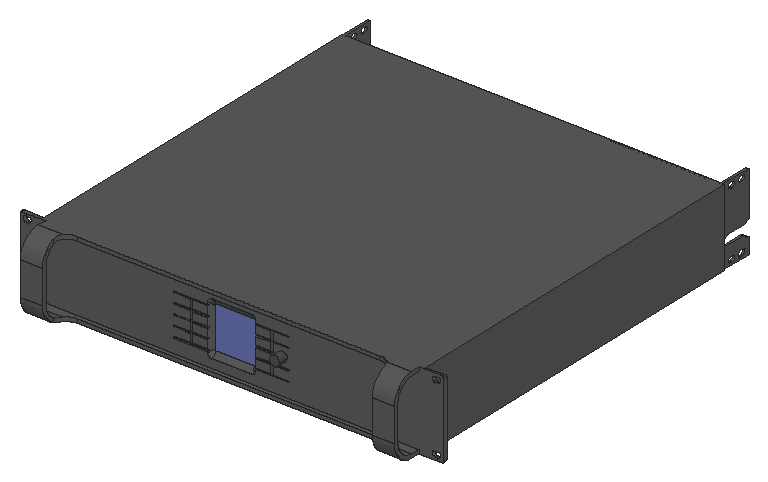
Revit family "PLM xxk44", category Communication Devices, Revit 2020 (continued)
Definition of nested family "PLM xxk44 - base1"
  Lines and regions (mm)
    Split face 167
      outline origin (0, 425, 0) x (1, 0, 0) y (0, 0, 1)
        loop
          line (190.35, 10.2) -> (194.35, 10.2) -> (194.35, 37.7) -> (190.35, 37.7) -> (190.35, 10.2)
    Split face 168
      outline origin (0, 425, 0) x (1, 0, 0) y (0, 0, 1)
        loop
          line (196.1, 10.2) -> (200.1, 10.2) -> (200.1, 40.2) -> (196.1, 40.2) -> (196.1, 10.2)
    Split face 169
      outline origin (0, 425, 0) x (1, 0, 0) y (0, 0, 1)
        loop
          line (201.85, 10.2) -> (205.85, 10.2) -> (205.85, 40.2) -> (201.85, 40.2) -> (201.85, 10.2)
    Split face 170
      outline origin (-239.3, -3.2, 88) x (-1, 0, 0) y (0, 0, -1)
        loop
          line (-269.169, 47.556) -> (-269.169, 51.518) -> (-273.131, 51.518) -> (-273.131, 47.556) -> (-269.169, 47.556)
    Split face 171
      outline origin (-239.3, -3.2, 88) x (-1, 0, 0) y (0, 0, -1)
        loop
          line (-269.169, 58.986) -> (-269.169, 62.948) -> (-273.131, 62.948) -> (-273.131, 58.986) -> (-269.169, 58.986)
    Split face 172
      outline origin (-216, 425, 88) x (1, 0, 0) y (0, 0, -1)
        loop
          circle (291.319, 18.861) r 9.984
    Split face 173
      outline origin (-216, 425, 88) x (1, 0, 0) y (0, 0, -1)
        loop
          circle (265.219, 18.861) r 10
    Split face 174
      outline origin (-216, 425, 88) x (1, 0, 0) y (0, 0, -1)
        loop
          circle (239.119, 18.861) r 10
    Split face 175
      outline origin (-216, 425, 88) x (1, 0, 0) y (0, 0, -1)
        loop
          circle (213.019, 18.861) r 10
    Split face 176
      outline origin (-216, 425, 88) x (1, 0, 0) y (0, 0, -1)
        loop
          circle (182.669, 18.861) r 10
    Split face 177
      outline origin (-216, 425, 88) x (1, 0, 0) y (0, 0, -1)
        loop
          circle (157.669, 18.861) r 10
    Split face 178
      outline origin (-216, 425, 88) x (1, 0, 0) y (0, 0, -1)
        loop
          circle (132.669, 18.861) r 10
    Split face 179
      outline origin (-216, 425, 88) x (1, 0, 0) y (0, 0, -1)
        loop
          circle (107.669, 18.86) r 10
    model lines
      curve 1: line (-134.319, -3.2, 42.71) -> (-134.572, -3.2, 42.963)
      curve 2: line (-134.319, -3.2, 42.443) -> (-134.319, -3.2, 42.71)
      curve 3: line (-134.572, -3.2, 42.19) -> (-134.319, -3.2, 42.443)
      curve 4: line (-134.818, -3.2, 42.19) -> (-134.572, -3.2, 42.19)
      curve 5: line (-135.07, -3.2, 42.443) -> (-134.818, -3.2, 42.19)
      curve 6: line (-135.07, -3.2, 42.71) -> (-135.07, -3.2, 42.443)
      curve 7: line (-134.818, -3.2, 42.963) -> (-135.07, -3.2, 42.71)
      curve 8: line (-134.572, -3.2, 42.963) -> (-134.818, -3.2, 42.963)
      curve 9: line (-131.957, -3.2, 43.95) -> (-129.835, -3.2, 43.95)
      curve 10: line (-132.044, -3.2, 43.623) -> (-132.044, -3.2, 43.863)
      curve 11: line (-130.242, -3.2, 43.536) -> (-131.957, -3.2, 43.536)
      curve 12: line (-130.33, -3.2, 42.767) -> (-130.198, -3.2, 43.494)
      curve 13: line (-131.593, -3.2, 42.576) -> (-130.33, -3.2, 42.767)
      curve 14: line (-133.513, -3.2, 42.974) -> (-131.593, -3.2, 42.576)
      curve 15: line (-133.397, -3.2, 45.102) -> (-133.513, -3.2, 42.974)
      curve 16: line (-130.987, -3.2, 45.256) -> (-133.397, -3.2, 45.102)
      curve 17: line (-130.351, -3.2, 45.107) -> (-130.987, -3.2, 45.256)
      curve 18: line (-130.242, -3.2, 44.673) -> (-130.351, -3.2, 45.107)
      curve 19: line (-129.837, -3.2, 44.587) -> (-130.147, -3.2, 44.587)
      curve 20: line (-129.852, -3.2, 45.187) -> (-129.754, -3.2, 44.672)
      curve 21: line (-130.537, -3.2, 45.643) -> (-129.852, -3.2, 45.187)
      curve 22: line (-133.949, -3.2, 45.07) -> (-130.537, -3.2, 45.643)
      curve 23: line (-133.954, -3.2, 42.777) -> (-133.949, -3.2, 45.07)
      curve 24: line (-133.302, -3.2, 42.22) -> (-133.954, -3.2, 42.777)
      curve 25: line (-129.784, -3.2, 42.857) -> (-133.302, -3.2, 42.22)
      curve 26: line (-129.726, -3.2, 43.849) -> (-129.784, -3.2, 42.857)
      curve 27: line (-129.285, -3.2, 45.61) -> (-129.285, -3.2, 42.243)
      curve 28: line (-127.164, -3.2, 45.696) -> (-129.198, -3.2, 45.696)
      curve 29: line (-125.937, -3.2, 45.653) -> (-127.164, -3.2, 45.696)
      curve 30: line (-125.326, -3.2, 45.261) -> (-125.937, -3.2, 45.653)
      curve 31: line (-125.798, -3.2, 43.695) -> (-125.326, -3.2, 45.261)
      curve 32: line (-125.437, -3.2, 43.515) -> (-125.798, -3.2, 43.695)
      curve 33: line (-125.279, -3.2, 42.661) -> (-125.437, -3.2, 43.515)
      curve 34: line (-125.279, -3.2, 42.243) -> (-125.279, -3.2, 42.661)
      curve 35: line (-125.664, -3.2, 42.157) -> (-125.365, -3.2, 42.157)
      curve 36: line (-125.751, -3.2, 42.41) -> (-125.751, -3.2, 42.243)
      curve 37: line (-125.751, -3.2, 42.583) -> (-125.751, -3.2, 42.41)
      curve 38: line (-125.772, -3.2, 43.096) -> (-125.751, -3.2, 42.583)
      curve 39: line (-126.148, -3.2, 43.489) -> (-125.772, -3.2, 43.096)
      curve 40: line (-127.077, -3.2, 43.521) -> (-126.148, -3.2, 43.489)
      curve 41: line (-128.725, -3.2, 43.521) -> (-127.077, -3.2, 43.521)
      curve 42: line (-128.812, -3.2, 42.243) -> (-128.812, -3.2, 43.434)
      curve 43: line (-129.198, -3.2, 42.157) -> (-128.899, -3.2, 42.157)
      curve 44: line (-127.164, -3.2, 43.934) -> (-128.725, -3.2, 43.934)
      curve 45: line (-126.991, -3.2, 43.934) -> (-127.164, -3.2, 43.934)
      curve 46: line (-126.739, -3.2, 43.934) -> (-126.991, -3.2, 43.934)
      curve 47: line (-126.567, -3.2, 43.941) -> (-126.739, -3.2, 43.934)
      curve 48: line (-125.772, -3.2, 44.173) -> (-126.567, -3.2, 43.941)
      curve 49: line (-125.867, -3.2, 45.155) -> (-125.772, -3.2, 44.173)
      curve 50: line (-127.077, -3.2, 45.282) -> (-125.867, -3.2, 45.155)
      curve 51: line (-128.725, -3.2, 45.282) -> (-127.077, -3.2, 45.282)
      curve 52: line (-128.812, -3.2, 44.021) -> (-128.812, -3.2, 45.196)
      curve 53: line (-124.714, -3.2, 45.696) -> (-124.415, -3.2, 45.696)
      curve 54: line (-124.801, -3.2, 43.955) -> (-124.801, -3.2, 45.609)
      curve 55: line (-124.764, -3.2, 42.916) -> (-124.801, -3.2, 43.955)
      curve 56: line (-124.165, -3.2, 42.221) -> (-124.764, -3.2, 42.916)
      curve 57: line (-121.293, -3.2, 42.221) -> (-124.165, -3.2, 42.221)
      curve 58: line (-120.651, -3.2, 42.979) -> (-121.293, -3.2, 42.221)
      curve 59: line (-120.625, -3.2, 44.042) -> (-120.651, -3.2, 42.979)
      curve 60: line (-120.625, -3.2, 45.609) -> (-120.625, -3.2, 44.042)
      curve 61: line (-121.01, -3.2, 45.696) -> (-120.711, -3.2, 45.696)
      curve 62: line (-121.095, -3.2, 43.44) -> (-121.097, -3.2, 45.609)
      curve 63: line (-121.209, -3.2, 42.762) -> (-121.095, -3.2, 43.44)
      curve 64: line (-123.989, -3.2, 42.634) -> (-121.209, -3.2, 42.762)
      curve 65: line (-124.329, -3.2, 45.609) -> (-123.989, -3.2, 42.634)
      curve 66: line (-120.126, -3.2, 45.61) -> (-120.126, -3.2, 42.243)
      curve 67: line (-117.483, -3.2, 45.695) -> (-120.039, -3.2, 45.696)
      curve 68: line (-116.475, -3.2, 45.505) -> (-117.483, -3.2, 45.695)
      curve 69: line (-116.454, -3.2, 43.711) -> (-116.475, -3.2, 45.505)
      curve 70: line (-117.266, -3.2, 43.494) -> (-116.454, -3.2, 43.711)
      curve 71: line (-117.886, -3.2, 43.489) -> (-117.266, -3.2, 43.494)
      curve 72: line (-119.567, -3.2, 43.489) -> (-117.886, -3.2, 43.489)
      curve 73: line (-119.654, -3.2, 42.243) -> (-119.654, -3.2, 43.402)
      curve 74: line (-120.039, -3.2, 42.157) -> (-119.74, -3.2, 42.157)
      curve 75: line (-117.886, -3.2, 43.903) -> (-119.567, -3.2, 43.903)
      curve 76: line (-116.815, -3.2, 44.03) -> (-117.886, -3.2, 43.903)
      curve 77: line (-116.805, -3.2, 45.15) -> (-116.815, -3.2, 44.03)
      curve 78: line (-117.886, -3.2, 45.282) -> (-116.805, -3.2, 45.15)
      curve 79: line (-119.567, -3.2, 45.282) -> (-117.886, -3.2, 45.282)
      curve 80: line (-119.654, -3.2, 43.989) -> (-119.654, -3.2, 45.196)
      curve 81: line (-115.86, -3.2, 45.61) -> (-115.86, -3.2, 42.243)
      curve 82: line (-113.216, -3.2, 45.695) -> (-115.773, -3.2, 45.696)
      curve 83: line (-112.209, -3.2, 45.505) -> (-113.216, -3.2, 45.695)
      curve 84: line (-112.188, -3.2, 43.711) -> (-112.209, -3.2, 45.505)
      curve 85: line (-113, -3.2, 43.494) -> (-112.188, -3.2, 43.711)
      curve 86: line (-113.621, -3.2, 43.489) -> (-113, -3.2, 43.494)
      curve 87: line (-115.301, -3.2, 43.489) -> (-113.621, -3.2, 43.489)
      curve 88: line (-115.388, -3.2, 42.243) -> (-115.388, -3.2, 43.402)
      curve 89: line (-115.773, -3.2, 42.157) -> (-115.475, -3.2, 42.157)
      curve 90: line (-113.621, -3.2, 43.903) -> (-115.301, -3.2, 43.903)
      curve 91: line (-112.549, -3.2, 44.03) -> (-113.621, -3.2, 43.903)
      curve 92: line (-112.538, -3.2, 45.15) -> (-112.549, -3.2, 44.03)
      curve 93: line (-113.621, -3.2, 45.282) -> (-112.538, -3.2, 45.15)
      curve 94: line (-115.301, -3.2, 45.282) -> (-113.621, -3.2, 45.282)
      curve 95: line (-115.388, -3.2, 43.989) -> (-115.388, -3.2, 45.196)
      curve 96: line (-111.583, -3.2, 42.243) -> (-111.583, -3.2, 45.609)
      curve 97: line (-108.199, -3.2, 42.157) -> (-111.496, -3.2, 42.157)
      curve 98: line (-108.112, -3.2, 42.484) -> (-108.112, -3.2, 42.243)
      curve 99: line (-111.024, -3.2, 42.57) -> (-108.199, -3.2, 42.57)
      curve 100: line (-111.11, -3.2, 43.699) -> (-111.11, -3.2, 42.657)
      curve 101: line (-108.332, -3.2, 43.785) -> (-111.024, -3.2, 43.785)
      curve 102: line (-108.246, -3.2, 44.113) -> (-108.246, -3.2, 43.872)
      curve 103: line (-111.024, -3.2, 44.2) -> (-108.332, -3.2, 44.2)
      curve 104: line (-111.11, -3.2, 45.195) -> (-111.11, -3.2, 44.286)
      curve 105: line (-108.204, -3.2, 45.282) -> (-111.024, -3.2, 45.282)
      curve 106: line (-108.117, -3.2, 45.609) -> (-108.117, -3.2, 45.369)
      curve 107: line (-111.496, -3.2, 45.696) -> (-108.204, -3.2, 45.696)
      curve 108: line (-107.692, -3.2, 45.696) -> (-107.08, -3.2, 45.696)
      curve 109: line (-107.778, -3.2, 42.243) -> (-107.778, -3.2, 45.609)
      curve 110: line (-107.393, -3.2, 42.157) -> (-107.692, -3.2, 42.157)
      curve 111: line (-107.306, -3.2, 45.169) -> (-107.306, -3.2, 42.243)
      curve 112: line (-107.138, -3.2, 45.194) -> (-107.306, -3.2, 45.169)
      curve 113: line (-104.178, -3.2, 42.218) -> (-107.138, -3.2, 45.194)
      curve 114: line (-104.03, -3.2, 42.157) -> (-104.178, -3.2, 42.218)
      curve 115: line (-103.402, -3.2, 42.157) -> (-104.03, -3.2, 42.157)
      curve 116: line (-103.316, -3.2, 45.609) -> (-103.316, -3.2, 42.243)
      curve 117: line (-103.788, -3.2, 42.679) -> (-103.788, -3.2, 45.609)
      curve 118: line (-103.961, -3.2, 42.653) -> (-103.788, -3.2, 42.679)
      curve 119: line (-106.932, -3.2, 45.634) -> (-103.961, -3.2, 42.653)
      curve 120: line (-107.08, -3.2, 45.696) -> (-106.932, -3.2, 45.634)
      curve 121: line (-142.626, -3.2, 43.474) -> (-141.717, -3.2, 45.075)
      curve 122: line (-140.767, -3.2, 43.474) -> (-142.626, -3.2, 43.474)
      curve 123: line (-141.668, -3.2, 45.075) -> (-140.767, -3.2, 43.474)
      curve 124: line (-139.386, -3.2, 42.383) -> (-141.198, -3.2, 45.59)
      curve 125: line (-139.535, -3.2, 42.128) -> (-139.386, -3.2, 42.383)
      curve 126: line (-139.867, -3.2, 42.128) -> (-139.535, -3.2, 42.128)
      curve 127: line (-140.098, -3.2, 42.263) -> (-139.867, -3.2, 42.128)
      curve 128: line (-140.412, -3.2, 42.826) -> (-140.098, -3.2, 42.263)
      curve 129: line (-142.969, -3.2, 42.837) -> (-140.43, -3.2, 42.837)
      curve 130: line (-143.302, -3.2, 42.263) -> (-142.987, -3.2, 42.826)
      curve 131: line (-143.532, -3.2, 42.128) -> (-143.302, -3.2, 42.263)
      curve 132: line (-143.875, -3.2, 42.128) -> (-143.532, -3.2, 42.128)
      curve 133: line (-144.027, -3.2, 42.211) -> (-143.875, -3.2, 42.128)
      curve 134: line (-144.024, -3.2, 42.384) -> (-144.027, -3.2, 42.211)
      curve 135: line (-143.767, -3.2, 42.837) -> (-144.024, -3.2, 42.384)
      curve 136: line (-145.902, -3.2, 42.837) -> (-143.767, -3.2, 42.837)
      curve 137: line (-146.106, -3.2, 43.042) -> (-145.902, -3.2, 42.837)
      curve 138: line (-146.106, -3.2, 45.519) -> (-146.106, -3.2, 43.042)
      curve 139: line (-145.902, -3.2, 45.724) -> (-146.106, -3.2, 45.519)
      curve 140: line (-145.619, -3.2, 45.724) -> (-145.902, -3.2, 45.724)
      curve 141: line (-145.414, -3.2, 45.519) -> (-145.619, -3.2, 45.724)
      curve 142: line (-145.414, -3.2, 43.475) -> (-145.414, -3.2, 45.519)
      curve 143: line (-143.417, -3.2, 43.475) -> (-145.414, -3.2, 43.475)
      curve 144: line (-142.206, -3.2, 45.591) -> (-143.399, -3.2, 43.486)
      curve 145: line (-141.976, -3.2, 45.724) -> (-142.206, -3.2, 45.591)
      curve 146: line (-141.428, -3.2, 45.724) -> (-141.976, -3.2, 45.724)
      curve 147: line (-141.198, -3.2, 45.59) -> (-141.428, -3.2, 45.724)
      curve 148: line (-136.296, -3.2, 45.002) -> (-136.214, -3.2, 44.681)
      curve 149: line (-137.148, -3.2, 45.082) -> (-136.296, -3.2, 45.002)
      curve 150: line (-138.802, -3.2, 45.082) -> (-137.148, -3.2, 45.082)
      curve 151: line (-138.802, -3.2, 44.276) -> (-138.802, -3.2, 45.082)
      curve 152: line (-137.148, -3.2, 44.276) -> (-138.802, -3.2, 44.276)
      curve 153: line (-136.331, -3.2, 44.348) -> (-137.148, -3.2, 44.276)
      curve 154: line (-136.214, -3.2, 44.681) -> (-136.331, -3.2, 44.348)
      curve 155: line (-135.598, -3.2, 42.416) -> (-135.742, -3.2, 44.034)
      curve 156: line (-137.148, -3.2, 42.115) -> (-135.598, -3.2, 42.416)
      curve 157: line (-138.528, -3.2, 42.115) -> (-137.148, -3.2, 42.115)
      curve 158: line (-138.618, -3.2, 42.321) -> (-138.528, -3.2, 42.115)
      curve 159: line (-137.148, -3.2, 42.755) -> (-138.618, -3.2, 42.321)
      curve 160: line (-136.176, -3.2, 43.548) -> (-137.148, -3.2, 42.755)
      curve 161: line (-137.148, -3.2, 43.636) -> (-136.176, -3.2, 43.548)
      curve 162: line (-138.804, -3.2, 43.636) -> (-137.148, -3.2, 43.636)
      curve 163: line (-138.804, -3.2, 42.934) -> (-138.804, -3.2, 43.636)
      curve 164: line (-139.024, -3.2, 42.842) -> (-138.804, -3.2, 42.934)
      curve 165: line (-139.395, -3.2, 43.471) -> (-139.024, -3.2, 42.842)
      curve 166: line (-139.497, -3.2, 43.701) -> (-139.395, -3.2, 43.471)
      curve 167: line (-139.497, -3.2, 45.516) -> (-139.497, -3.2, 43.701)
      curve 168: line (-139.291, -3.2, 45.721) -> (-139.497, -3.2, 45.516)
      curve 169: line (-137.23, -3.2, 45.721) -> (-139.291, -3.2, 45.721)
      curve 170: line (-137.063, -3.2, 45.72) -> (-137.23, -3.2, 45.721)
      curve 171: line (-136.372, -3.2, 45.7) -> (-137.063, -3.2, 45.72)
      curve 172: line (-135.62, -3.2, 45.265) -> (-136.372, -3.2, 45.7)
      curve 173: line (-135.742, -3.2, 44.034) -> (-135.62, -3.2, 45.265)
      curve 174: line (49.748, -3.2, 9.12) -> (47.891, -3.2, 9.189)
      curve 175: line (48.406, -3.2, 9.035) -> (49.748, -3.2, 9.035)
      curve 176: line (48.848, -3.2, 8.424) -> (48.406, -3.2, 9.035)
      curve 177: line (49.2, -3.2, 8.706) -> (48.848, -3.2, 8.424)
      curve 178: line (49.724, -3.2, 8.706) -> (49.2, -3.2, 8.706)
      curve 179: line (47.891, -3.2, 9.189) -> (49.724, -3.2, 8.706)
      curve 180: line (48.421, -3.2, 9.458) -> (49.219, -3.2, 9.458)
      curve 181: line (49.219, -3.2, 9.458) -> (48.421, -3.2, 9.458)
      curve 182: line (44.324, -3.2, 9.44) -> (43.595, -3.2, 8.627)
      curve 183: line (44.153, -3.2, 9.635) -> (44.324, -3.2, 9.44)
      curve 184: line (43.656, -3.2, 9.635) -> (44.153, -3.2, 9.635)
      curve 185: line (45.195, -3.2, 10.208) -> (43.656, -3.2, 9.635)
      curve 186: line (45.321, -3.2, 8.6) -> (45.195, -3.2, 10.208)
      curve 187: line (45.433, -3.2, 8.038) -> (45.321, -3.2, 8.6)
      curve 188: line (44.876, -3.2, 7.946) -> (45.433, -3.2, 7.946)
      curve 189: line (44.83, -3.2, 8.261) -> (44.844, -3.2, 8.08)
      curve 190: line (43.595, -3.2, 8.627) -> (44.83, -3.2, 8.261)
      curve 191: line (44.751, -3.2, 8.604) -> (44.362, -3.2, 8.363)
      curve 192: line (44.812, -3.2, 8.929) -> (44.751, -3.2, 8.604)
      curve 193: line (44.812, -3.2, 9.169) -> (44.812, -3.2, 8.929)
      curve 194: line (44.575, -3.2, 9.063) -> (44.812, -3.2, 9.169)
      curve 195: line (44.116, -3.2, 8.6) -> (44.575, -3.2, 9.063)
      curve 196: line (44.362, -3.2, 8.363) -> (44.116, -3.2, 8.6)
      curve 197: line (106.569, -3.2, 43.955) -> (107.398, -3.2, 44.672)
      curve 198: line (104.504, -3.2, 43.955) -> (106.569, -3.2, 43.955)
      curve 199: line (104.504, -3.2, 45.295) -> (104.504, -3.2, 43.955)
      curve 200: line (106.796, -3.2, 45.295) -> (104.504, -3.2, 45.295)
      curve 201: line (107.27, -3.2, 45.156) -> (106.796, -3.2, 45.295)
      curve 202: line (107.398, -3.2, 44.672) -> (107.27, -3.2, 45.156)
      curve 203: line (106.834, -3.2, 45.631) -> (107.812, -3.2, 44.692)
      curve 204: line (104.102, -3.2, 45.631) -> (106.834, -3.2, 45.631)
      curve 205: line (104.102, -3.2, 42.335) -> (104.102, -3.2, 45.631)
      curve 206: line (104.504, -3.2, 42.335) -> (104.102, -3.2, 42.335)
      curve 207: line (104.504, -3.2, 43.625) -> (104.504, -3.2, 42.335)
      curve 208: line (106.81, -3.2, 43.625) -> (104.504, -3.2, 43.625)
      curve 209: line (107.617, -3.2, 43.857) -> (106.81, -3.2, 43.625)
      curve 210: line (107.772, -3.2, 44.193) -> (107.617, -3.2, 43.857)
      curve 211: line (107.812, -3.2, 44.692) -> (107.772, -3.2, 44.193)
      curve 212: line (111.51, -3.2, 42.665) -> (111.51, -3.2, 42.335)
      curve 213: line (108.907, -3.2, 42.665) -> (111.51, -3.2, 42.665)
      curve 214: line (108.907, -3.2, 45.631) -> (108.907, -3.2, 42.665)
      curve 215: line (108.505, -3.2, 45.631) -> (108.907, -3.2, 45.631)
      curve 216: line (108.505, -3.2, 42.335) -> (108.505, -3.2, 45.631)
      curve 217: line (111.51, -3.2, 42.335) -> (108.505, -3.2, 42.335)
      curve 218: line (114.852, -3.2, 42.335) -> (114.53, -3.2, 42.335)
      curve 219: line (116.908, -3.2, 45.295) -> (114.852, -3.2, 42.335)
      curve 220: line (116.908, -3.2, 42.335) -> (116.908, -3.2, 45.295)
      curve 221: line (117.31, -3.2, 42.335) -> (116.908, -3.2, 42.335)
      curve 222: line (117.31, -3.2, 45.631) -> (117.31, -3.2, 42.335)
      curve 223: line (116.665, -3.2, 45.631) -> (117.31, -3.2, 45.631)
      curve 224: line (114.694, -3.2, 42.803) -> (116.665, -3.2, 45.631)
      curve 225: line (112.73, -3.2, 45.631) -> (114.694, -3.2, 42.803)
      curve 226: line (112.074, -3.2, 45.631) -> (112.73, -3.2, 45.631)
      curve 227: line (112.074, -3.2, 42.335) -> (112.074, -3.2, 45.631)
      curve 228: line (112.476, -3.2, 42.335) -> (112.074, -3.2, 42.335)
      curve 229: line (112.476, -3.2, 45.295) -> (112.476, -3.2, 42.335)
      curve 230: line (114.53, -3.2, 42.335) -> (112.476, -3.2, 45.295)
      curve 231: line (125.246, -3.2, 45.032) -> (125.095, -3.2, 45.195)
      curve 232: line (125.297, -3.2, 44.677) -> (125.246, -3.2, 45.032)
      curve 233: line (125.7, -3.2, 44.677) -> (125.297, -3.2, 44.677)
      curve 234: line (124.429, -3.2, 45.656) -> (125.7, -3.2, 44.677)
      curve 235: line (122.516, -3.2, 45.513) -> (124.429, -3.2, 45.656)
      curve 236: line (123.006, -3.2, 43.851) -> (122.516, -3.2, 45.513)
      curve 237: line (123.889, -3.2, 43.823) -> (123.006, -3.2, 43.851)
      curve 238: line (124.644, -3.2, 43.823) -> (123.889, -3.2, 43.823)
      curve 239: line (125.24, -3.2, 42.867) -> (124.644, -3.2, 43.823)
      curve 240: line (124.759, -3.2, 42.699) -> (125.24, -3.2, 42.867)
      curve 241: line (123.251, -3.2, 42.672) -> (124.759, -3.2, 42.699)
      curve 242: line (122.731, -3.2, 42.75) -> (123.251, -3.2, 42.672)
      curve 243: line (122.489, -3.2, 42.936) -> (122.731, -3.2, 42.75)
      curve 244: line (122.442, -3.2, 43.326) -> (122.489, -3.2, 42.936)
      curve 245: line (122.04, -3.2, 43.399) -> (122.442, -3.2, 43.399)
      curve 246: line (122.203, -3.2, 42.641) -> (122.04, -3.2, 43.399)
      curve 247: line (123.316, -3.2, 42.315) -> (122.203, -3.2, 42.641)
      curve 248: line (123.871, -3.2, 42.307) -> (123.316, -3.2, 42.315)
      curve 249: line (124.133, -3.2, 42.307) -> (123.871, -3.2, 42.307)
      curve 250: line (125.688, -3.2, 42.767) -> (124.133, -3.2, 42.307)
      curve 251: line (125.588, -3.2, 43.913) -> (125.688, -3.2, 42.767)
      curve 252: line (125.075, -3.2, 44.137) -> (125.588, -3.2, 43.913)
      curve 253: line (124.599, -3.2, 44.176) -> (125.075, -3.2, 44.137)
      curve 254: line (124.239, -3.2, 44.181) -> (124.599, -3.2, 44.176)
      curve 255: line (123.464, -3.2, 44.181) -> (124.239, -3.2, 44.181)
      curve 256: line (123.104, -3.2, 44.181) -> (123.464, -3.2, 44.181)
      curve 257: line (122.705, -3.2, 45.187) -> (123.104, -3.2, 44.181)
      curve 258: line (123.883, -3.2, 45.317) -> (122.705, -3.2, 45.187)
      curve 259: line (124.721, -3.2, 45.282) -> (124.021, -3.2, 45.317)
      curve 260: line (125.095, -3.2, 45.195) -> (124.721, -3.2, 45.282)
      curve 261: line (126.96, -3.2, 44.203) -> (129.72, -3.2, 44.203)
      curve 262: line (126.96, -3.2, 45.295) -> (126.96, -3.2, 44.203)
      curve 263: line (129.824, -3.2, 45.295) -> (126.96, -3.2, 45.295)
      curve 264: line (129.824, -3.2, 45.631) -> (129.824, -3.2, 45.295)
      curve 265: line (126.557, -3.2, 45.631) -> (129.824, -3.2, 45.631)
      curve 266: line (126.557, -3.2, 42.335) -> (126.557, -3.2, 45.631)
      curve 267: line (129.859, -3.2, 42.335) -> (126.557, -3.2, 42.335)
      curve 268: line (129.859, -3.2, 42.665) -> (129.859, -3.2, 42.335)
      curve 269: line (126.96, -3.2, 42.665) -> (129.859, -3.2, 42.665)
      curve 270: line (126.96, -3.2, 43.873) -> (126.96, -3.2, 42.665)
      curve 271: line (129.72, -3.2, 43.873) -> (126.96, -3.2, 43.873)
      curve 272: line (129.72, -3.2, 44.203) -> (129.72, -3.2, 43.873)
      curve 273: line (133.848, -3.2, 44.135) -> (134.019, -3.2, 44.677)
      curve 274: line (133.244, -3.2, 43.999) -> (133.848, -3.2, 44.135)
      curve 275: line (131.037, -3.2, 43.999) -> (133.244, -3.2, 43.999)
      curve 276: line (131.037, -3.2, 45.295) -> (131.037, -3.2, 43.999)
      curve 277: line (133.234, -3.2, 45.295) -> (131.037, -3.2, 45.295)
      curve 278: line (134.019, -3.2, 44.677) -> (133.234, -3.2, 45.295)
      curve 279: line (133.316, -3.2, 45.631) -> (134.432, -3.2, 44.652)
      curve 280: line (130.634, -3.2, 45.631) -> (133.316, -3.2, 45.631)
      curve 281: line (130.634, -3.2, 42.335) -> (130.634, -3.2, 45.631)
      curve 282: line (131.037, -3.2, 42.335) -> (130.634, -3.2, 42.335)
      curve 283: line (131.037, -3.2, 43.669) -> (131.037, -3.2, 42.335)
      curve 284: line (133.28, -3.2, 43.669) -> (131.037, -3.2, 43.669)
      curve 285: line (133.975, -3.2, 43.066) -> (133.28, -3.2, 43.669)
      curve 286: line (133.975, -3.2, 42.335) -> (133.975, -3.2, 43.066)
      curve 287: line (134.372, -3.2, 42.335) -> (133.975, -3.2, 42.335)
      curve 288: line (134.372, -3.2, 43.229) -> (134.372, -3.2, 42.335)
      curve 289: line (134.216, -3.2, 43.651) -> (134.372, -3.2, 43.229)
      curve 290: line (133.73, -3.2, 43.812) -> (134.216, -3.2, 43.651)
      curve 291: line (134.432, -3.2, 44.652) -> (133.73, -3.2, 43.812)
      curve 292: line (135.613, -3.2, 45.631) -> (135.613, -3.2, 42.335)
      curve 293: line (135.211, -3.2, 45.631) -> (135.613, -3.2, 45.631)
      curve 294: line (135.211, -3.2, 42.335) -> (135.211, -3.2, 45.631)
      curve 295: line (135.613, -3.2, 42.335) -> (135.211, -3.2, 42.335)
      curve 296: line (136.919, -3.2, 44.203) -> (139.679, -3.2, 44.203)
      curve 297: line (136.919, -3.2, 45.295) -> (136.919, -3.2, 44.203)
      curve 298: line (139.783, -3.2, 45.295) -> (136.919, -3.2, 45.295)
      curve 299: line (139.783, -3.2, 45.631) -> (139.783, -3.2, 45.295)
      curve 300: line (136.517, -3.2, 45.631) -> (139.783, -3.2, 45.631)
      curve 301: line (136.517, -3.2, 42.335) -> (136.517, -3.2, 45.631)
      curve 302: line (139.818, -3.2, 42.335) -> (136.517, -3.2, 42.335)
      curve 303: line (139.818, -3.2, 42.665) -> (139.818, -3.2, 42.335)
      curve 304: line (136.919, -3.2, 42.665) -> (139.818, -3.2, 42.665)
      curve 305: line (136.919, -3.2, 43.873) -> (136.919, -3.2, 42.665)
      curve 306: line (139.679, -3.2, 43.873) -> (136.919, -3.2, 43.873)
      curve 307: line (139.679, -3.2, 44.203) -> (139.679, -3.2, 43.873)
      curve 308: line (143.791, -3.2, 44.677) -> (143.589, -3.2, 45.195)
      curve 309: line (144.193, -3.2, 44.677) -> (143.791, -3.2, 44.677)
      curve 310: line (142.923, -3.2, 45.656) -> (144.193, -3.2, 44.677)
      curve 311: line (141.009, -3.2, 45.513) -> (142.923, -3.2, 45.656)
      curve 312: line (141.5, -3.2, 43.851) -> (141.009, -3.2, 45.513)
      curve 313: line (142.383, -3.2, 43.823) -> (141.5, -3.2, 43.851)
      curve 314: line (143.138, -3.2, 43.823) -> (142.383, -3.2, 43.823)
      curve 315: line (143.697, -3.2, 43.727) -> (143.138, -3.2, 43.823)
      curve 316: line (143.734, -3.2, 42.867) -> (143.697, -3.2, 43.727)
      curve 317: line (141.745, -3.2, 42.672) -> (143.734, -3.2, 42.867)
      curve 318: line (141.224, -3.2, 42.75) -> (141.745, -3.2, 42.672)
      curve 319: line (140.982, -3.2, 42.936) -> (141.224, -3.2, 42.75)
      curve 320: line (140.936, -3.2, 43.326) -> (140.982, -3.2, 42.936)
      curve 321: line (140.533, -3.2, 43.399) -> (140.936, -3.2, 43.399)
      curve 322: line (141.81, -3.2, 42.315) -> (140.533, -3.2, 43.399)
      curve 323: line (142.365, -3.2, 42.307) -> (141.81, -3.2, 42.315)
      curve 324: line (142.627, -3.2, 42.307) -> (142.365, -3.2, 42.307)
      curve 325: line (143.32, -3.2, 42.337) -> (142.627, -3.2, 42.307)
      curve 326: line (144.182, -3.2, 42.767) -> (143.32, -3.2, 42.337)
      curve 327: line (143.568, -3.2, 44.137) -> (144.182, -3.2, 42.767)
      curve 328: line (143.092, -3.2, 44.176) -> (143.568, -3.2, 44.137)
      curve 329: line (142.733, -3.2, 44.181) -> (143.092, -3.2, 44.176)
      curve 330: line (141.958, -3.2, 44.181) -> (142.733, -3.2, 44.181)
      curve 331: line (141.598, -3.2, 44.181) -> (141.958, -3.2, 44.181)
      curve 332: line (140.997, -3.2, 44.997) -> (141.598, -3.2, 44.181)
      curve 333: line (141.198, -3.2, 45.187) -> (140.997, -3.2, 44.997)
      curve 334: line (142.376, -3.2, 45.317) -> (141.198, -3.2, 45.187)
      curve 335: line (143.214, -3.2, 45.282) -> (142.514, -3.2, 45.317)
      curve 336: line (143.589, -3.2, 45.195) -> (143.214, -3.2, 45.282)
      curve 337: line (-59.666, -3.2, 12.133) -> (-59.666, -3.2, 11.02)
      curve 338: line (-58.931, -3.2, 12.133) -> (-59.666, -3.2, 12.133)
      curve 339: line (-58.99, -3.2, 11.02) -> (-58.931, -3.2, 12.133)
      curve 340: line (-59.666, -3.2, 11.02) -> (-58.99, -3.2, 11.02)
      curve 341: line (-59.666, -3.2, 9.509) -> (-60.261, -3.2, 9.509)
      curve 342: line (-59.666, -3.2, 10.518) -> (-59.666, -3.2, 9.509)
      curve 343: line (-58.968, -3.2, 10.518) -> (-59.666, -3.2, 10.518)
      curve 344: line (-58.844, -3.2, 12.635) -> (-58.83, -3.2, 10.521)
      curve 345: line (-60.261, -3.2, 12.635) -> (-59, -3.2, 12.635)
      curve 346: line (-60.261, -3.2, 9.509) -> (-60.261, -3.2, 12.635)
      curve 347: line (-57.438, -3.2, 12.635) -> (-56.843, -3.2, 12.635)
      curve 348: line (-57.438, -3.2, 9.509) -> (-57.438, -3.2, 12.635)
      curve 349: line (-55.382, -3.2, 9.509) -> (-57.438, -3.2, 9.509)
      curve 350: line (-55.382, -3.2, 10.039) -> (-55.382, -3.2, 9.509)
      curve 351: line (-56.843, -3.2, 10.039) -> (-55.382, -3.2, 10.039)
      curve 352: line (-56.843, -3.2, 12.635) -> (-56.843, -3.2, 10.039)
      curve 353: line (-52.459, -3.2, 12.635) -> (-51.47, -3.2, 12.635)
      curve 354: line (-53.007, -3.2, 11.183) -> (-52.459, -3.2, 12.635)
      curve 355: line (-53.154, -3.2, 10.752) -> (-53.007, -3.2, 11.183)
      curve 356: line (-53.222, -3.2, 10.537) -> (-53.154, -3.2, 10.752)
      curve 357: line (-53.289, -3.2, 10.322) -> (-53.222, -3.2, 10.537)
      curve 358: line (-53.38, -3.2, 10.537) -> (-53.309, -3.2, 10.322)
      curve 359: line (-53.449, -3.2, 10.755) -> (-53.38, -3.2, 10.537)
      curve 360: line (-53.599, -3.2, 11.187) -> (-53.449, -3.2, 10.755)
      curve 361: line (-54.157, -3.2, 12.635) -> (-53.599, -3.2, 11.187)
      curve 362: line (-55.125, -3.2, 12.635) -> (-54.157, -3.2, 12.635)
      curve 363: line (-55.125, -3.2, 9.509) -> (-55.125, -3.2, 12.635)
      curve 364: line (-54.53, -3.2, 9.509) -> (-55.125, -3.2, 9.509)
      curve 365: line (-54.53, -3.2, 11.213) -> (-54.53, -3.2, 9.509)
      curve 366: line (-54.543, -3.2, 11.668) -> (-54.53, -3.2, 11.213)
      curve 367: line (-54.555, -3.2, 11.897) -> (-54.543, -3.2, 11.668)
      curve 368: line (-54.567, -3.2, 12.124) -> (-54.555, -3.2, 11.897)
      curve 369: line (-54.477, -3.2, 11.909) -> (-54.548, -3.2, 12.124)
      curve 370: line (-54.406, -3.2, 11.691) -> (-54.477, -3.2, 11.909)
      curve 371: line (-54.255, -3.2, 11.258) -> (-54.406, -3.2, 11.691)
      curve 372: line (-53.563, -3.2, 9.509) -> (-54.255, -3.2, 11.258)
      curve 373: line (-53.023, -3.2, 9.509) -> (-53.563, -3.2, 9.509)
      curve 374: line (-52.338, -3.2, 11.272) -> (-53.023, -3.2, 9.509)
      curve 375: line (-52.189, -3.2, 11.705) -> (-52.338, -3.2, 11.272)
      curve 376: line (-52.121, -3.2, 11.922) -> (-52.189, -3.2, 11.705)
      curve 377: line (-52.05, -3.2, 12.14) -> (-52.121, -3.2, 11.922)
      curve 378: line (-52.043, -3.2, 11.909) -> (-52.031, -3.2, 12.14)
      curve 379: line (-52.054, -3.2, 11.675) -> (-52.043, -3.2, 11.909)
      curve 380: line (-52.066, -3.2, 11.213) -> (-52.054, -3.2, 11.675)
      curve 381: line (-52.066, -3.2, 9.509) -> (-52.066, -3.2, 11.213)
      curve 382: line (-51.47, -3.2, 9.509) -> (-52.066, -3.2, 9.509)
      curve 383: line (-51.47, -3.2, 12.635) -> (-51.47, -3.2, 9.509)
      curve 384: line (45.911, -3.2, 13.062) -> (46.416, -3.2, 13.062)
      curve 385: line (46.416, -3.2, 13.062) -> (46.416, -3.2, 9.458)
      curve 386: line (46.416, -3.2, 9.458) -> (47.052, -3.2, 10.381)
      curve 387: line (47.052, -3.2, 10.381) -> (47.688, -3.2, 10.381)
      curve 388: line (47.688, -3.2, 10.381) -> (47.001, -3.2, 9.444)
      curve 389: line (47.001, -3.2, 9.444) -> (47.715, -3.2, 7.946)
      curve 390: line (47.715, -3.2, 7.946) -> (47.094, -3.2, 7.946)
      curve 391: line (47.094, -3.2, 7.946) -> (46.63, -3.2, 8.99)
      curve 392: line (46.63, -3.2, 8.99) -> (46.416, -3.2, 8.711)
      curve 393: line (46.416, -3.2, 8.711) -> (46.416, -3.2, 7.946)
      curve 394: line (46.416, -3.2, 7.946) -> (45.911, -3.2, 7.946)
      curve 395: line (45.911, -3.2, 7.946) -> (45.911, -3.2, 13.062)
      curve 396: line (42.621, -3.2, 13.072) -> (43.168, -3.2, 13.072)
      curve 397: line (43.168, -3.2, 13.072) -> (43.168, -3.2, 7.946)
      curve 398: line (43.168, -3.2, 7.946) -> (42.621, -3.2, 7.946)
      curve 399: line (42.621, -3.2, 7.946) -> (42.621, -3.2, 13.072)
      curve 400: line (41.898, -3.2, 15.727) -> (50.346, -3.2, 15.727)
      curve 401: line (50.346, -3.2, 15.727) -> (50.346, -3.2, 7.278)
      curve 402: line (50.346, -3.2, 7.278) -> (41.898, -3.2, 7.278)
      curve 403: line (41.898, -3.2, 7.278) -> (41.898, -3.2, 15.727)
      curve 404: line (118.374, -3.2, 44.279) -> (119.466, -3.2, 44.279)
      curve 405: line (119.466, -3.2, 44.279) -> (119.466, -3.2, 45.345)
      curve 406: line (119.466, -3.2, 45.345) -> (119.949, -3.2, 45.345)
      curve 407: line (119.949, -3.2, 45.345) -> (119.949, -3.2, 44.279)
      curve 408: line (119.949, -3.2, 44.279) -> (120.99, -3.2, 44.279)
      curve 409: line (120.99, -3.2, 44.279) -> (120.99, -3.2, 43.821)
      curve 410: line (120.99, -3.2, 43.821) -> (119.949, -3.2, 43.821)
      curve 411: line (119.949, -3.2, 43.821) -> (119.949, -3.2, 42.754)
      curve 412: line (119.949, -3.2, 42.754) -> (119.466, -3.2, 42.754)
      curve 413: line (119.466, -3.2, 42.754) -> (119.466, -3.2, 43.821)
      curve 414: line (119.466, -3.2, 43.821) -> (118.374, -3.2, 43.821)
      curve 415: line (231.4, -3.2, 9.4) -> (234.4, -3.2, 9.4)
      curve 416: line (234.4, -3.2, 78.6) -> (231.4, -3.2, 78.6)
      curve 417: line (118.374, -3.2, 44.279) -> (118.374, -3.2, 43.821)
      curve 418: line (-217.6, 0, 88) -> (217.6, 0, 88)
  Dimensions and locks
    aligned and locked: level to plane 2
  Connectors
    electrical at (-108.332, 425, 65.906)
      settings: on cut or joined group 1 (Extrusion 1, Extrusion 2, Extrusion 3, Extrusion 4, Extrusion 5, Extrusion 6, Extrusion 7, Extrusion 8, Extrusion 9, Extrusion 10, Extrusion 11, Extrusion 12, Extrusion 13, Extrusion 14, Extrusion 15, Extrusion 16, Extrusion 17, Extrusion 18, Extrusion 19, Extrusion 20, Blend 22, Extrusion 23, Extrusion 24, Extrusion 25), index 10, voltage 0 V, apparent load 0 VA, apparent load phase1 0 VA, apparent load phase2 0 VA, apparent load phase3 0 VA, power factor 1, load classification none, number of poles 1, system type 14, power factor state 1, is connector primary yes, connector utility no, sub classification motor no, connector description "Network - RJ45 Ethercon"
    electrical at (-83.332, 425, 65.906)
      settings: on cut or joined group 1, index 11, voltage 0 V, apparent load 0 VA, apparent load phase1 0 VA, apparent load phase2 0 VA, apparent load phase3 0 VA, power factor 1, load classification none, number of poles 1, system type 14, power factor state 1, is connector primary no, connector utility no, sub classification motor no, connector description "Network - RJ45 Ethercon"
    electrical at (-58.332, 425, 69.139)
      settings: on cut or joined group 1, index 12, voltage 0 V, apparent load 0 VA, apparent load phase1 0 VA, apparent load phase2 0 VA, apparent load phase3 0 VA, power factor 1, load classification none, number of poles 1, system type 14, power factor state 1, is connector primary no, connector utility no, sub classification motor no, connector description "AES3 In - XLRF"
    electrical at (-33.332, 425, 69.139)
      settings: on cut or joined group 1, index 13, voltage 0 V, apparent load 0 VA, apparent load phase1 0 VA, apparent load phase2 0 VA, apparent load phase3 0 VA, power factor 1, load classification none, number of poles 1, system type 14, power factor state 1, is connector primary no, connector utility no, sub classification motor no, connector description "AES3 In - XLRF"
    electrical at (-2.982, 425, 69.139)
      settings: on cut or joined group 1, index 14, voltage 0 V, apparent load 0 VA, apparent load phase1 0 VA, apparent load phase2 0 VA, apparent load phase3 0 VA, power factor 1, load classification none, number of poles 1, system type 14, power factor state 1, is connector primary no, connector utility no, sub classification motor no, connector description "Analog In - XLRF"
    electrical at (23.118, 425, 69.139)
      settings: on cut or joined group 1, index 15, voltage 0 V, apparent load 0 VA, apparent load phase1 0 VA, apparent load phase2 0 VA, apparent load phase3 0 VA, power factor 1, load classification none, number of poles 1, system type 14, power factor state 1, is connector primary no, connector utility no, sub classification motor no, connector description "Analog In - XLRF"
    electrical at (49.218, 425, 69.139)
      settings: on cut or joined group 1, index 16, voltage 0 V, apparent load 0 VA, apparent load phase1 0 VA, apparent load phase2 0 VA, apparent load phase3 0 VA, power factor 1, load classification none, number of poles 1, system type 14, power factor state 1, is connector primary no, connector utility no, sub classification motor no, connector description "Analog In - XLRF"
    electrical at (75.318, 425, 69.139)
      settings: on cut or joined group 1, index 17, voltage 0 V, apparent load 0 VA, apparent load phase1 0 VA, apparent load phase2 0 VA, apparent load phase3 0 VA, power factor 1, load classification none, number of poles 1, system type 14, power factor state 1, is connector primary no, connector utility no, sub classification motor no, connector description "Analog In - XLRF"
    electrical at (-188.4, 425, 65.3)
      settings: on cut or joined group 1, index 18, voltage 120 V, apparent load 0 VA, apparent load phase1 0 VA, apparent load phase2 0 VA, apparent load phase3 0 VA, power factor 1, load classification none, number of poles 1, system type 31, power factor state 1, is connector primary no, connector utility no, sub classification motor no, connector description "100-240VAC - Powercon"
    electrical at (148.2, 425, 65.5)
      settings: on Extrusion 26, index 19, voltage 0 V, apparent load 0 VA, apparent load phase1 0 VA, apparent load phase2 0 VA, apparent load phase3 0 VA, power factor 1, load classification none, number of poles 1, system type 14, power factor state 1, is connector primary no, connector utility no, sub classification motor no, connector description "Speaker Out - Speakon or Binding Posts"
